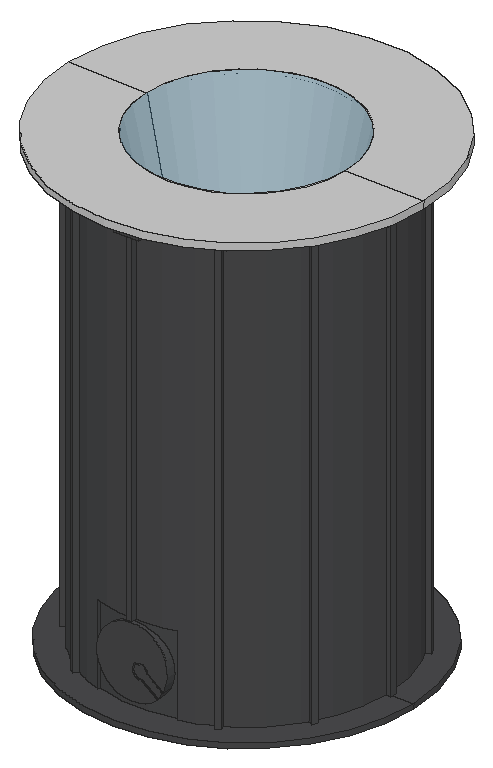
Revit family "LED COB INGROUND 12W_LKP0128WW.55", category Luminarias, Revit 2019
Family settings
  Cota de conector redondo = Diámetro de uso
  Tipo de pieza = Normal
  Se basa en plano de trabajo = Sí
  Siempre vertical = No
  Corte con vacíos al cargar = No
  Origen de luz = Sí
  Compartido = No
  Punto de cálculo de habitación = No
Parameters (values of type "EMP_LKP0128WW.55")
  Ángulo de inclinación = 105.00°
  Ángulo de enfoque = 55.00°
  Ángulo de campo de foco = 55.00°
  Zone [instance] = ""
  Watt per fixture = 14
  Wattage = 14 W
  built-in parameter 1150107 = 3000 (stored number, unit not read)
  built-in parameter 1150110 = 1 (stored number, unit not read)
  built-in parameter 1150109 = 1 (stored number, unit not read)
  built-in parameter 1150112 = 1 (stored number, unit not read)
  built-in parameter 1150113 = 1 (stored number, unit not read)
  built-in parameter 1114218 = 1 (stored number, unit not read)
  Keynote = ""
  built-in parameter 1150137 = (empty or 0)
  built-in parameter 1150132 = (empty or 0)
  Modelo = "LKP0128WW.55"
  Lámpara = "NICHIA"
  Longitud de símbolo de origen de luz = 500 mm
  built-in parameter 1150105 = 2385.2 (stored number, unit not read)
  built-in parameter 1150102 = (empty or 0)
  built-in parameter 1150106 = 23.852 (stored number, unit not read)
  Lumens = 1229.9 lm
  Color Filter = 16777215
  built-in parameter 1114217 = 1 (stored number, unit not read)
  built-in parameter 1150139 = (empty or 0)
  Fabricante = "BRILLANT"
  Default Elevation = 0 mm
  built-in parameter 1150104 = 8.1615 (stored number, unit not read)
  Descripción = "LUMINARIA TIPO CIRCULAR PARA EMPOTRAR EN PISO CON CUERPO DE ALUMINIO FUNDIDO A PRESION CUBIERTO CON POLVO GRIS OSCURO, CON CUBIERTA DE ACERO INOXIDABLE Y VIDRIO TEMPLADO DE 8MM, HOUSING TIPO ABS DE 155MM DE DIAMETRO Y 220MM DE PROFUNDO. CUENTA CON 12 LED COB TIPO NICHIA CON UNA POTENCIA TOTAL DE 14W, A UNA TEMPERATURA EN BLANCO CALIDO 3000K CON 1230 LUMENES, 102mA EN CORRIENTE DE OPERACIÓN, IP67, IK10, IRC 80, APERTURA EN 55 GRADOS POR PROYECTO, ALIMENTADA A 100-277V"
  built-in parameter 1150115 = 1 (stored number, unit not read)
  built-in parameter 1150114 = 1 (stored number, unit not read)
  Comentarios de vataje = "100-277V"
  built-in parameter 1150138 = (empty or 0)
  built-in parameter 1150134 = (empty or 0)
  Circuit [instance] = ""
  Dimming Lamp Color Temperature Shift = (empty or 0)
  built-in parameter 1150133 = 10 (stored number, unit not read)
Reference planes
  plane 1 "Centro (Frontal/Posterior)": y = 0
  plane 2: z = 0
  plane 3 "Centro (Izquierda/Derecha)": x = 0
  plane 4: z = -220
  plane 5: z = -128
  plane 6 "PEND": y = 20
  plane 7 "Centro I/E": y = -15
  plane 8: x = -77.5
  plane 9: x = 77.5
Forms (mm)
  Revolve 1, solid, material "Acero Inoxidable"
    sketch origin (0, 0, 0) x (1, 0, 0) y (0, 0, 1)
      loop
        line (-38.059, -45.88) -> (-48.546, 3.457) -> (-86.5, 3.457) -> (-86.5, 0) -> (-59, 0) -> (-59, -117.969) -> (0, -117.969) -> (0, -45.88) -> (-38.059, -45.88)
      axis (0, 3.457) -> (0, -117.969)
    angle from 0 to 360
  Extrusion 2, solid, material "Cristal"
    sketch origin (0, 0, 0) x (1, 0, 0) y (0, 1, 0)
      loop
        circle (0, 0) r 48.546
    from 1.93 to 3.457
  Extrusion 3, solid, material "Plastico"
    sketch origin (0, 0, 0) x (1, 0, 0) y (0, 1, 0)
      loop
        circle (0, 0) r 10
    from -128 to -123.044
  Extrusion 4, solid, material "Cobre"
    sketch origin (0, 0, 0) x (1, 0, 0) y (0, 1, 0)
      loop
        line (12.101, 0) -> (6.051, 10.48) -> (-6.051, 10.48) -> (-12.101, 0) -> (-6.051, -10.48) -> (6.051, -10.48) -> (12.101, 0)
    from -123.044 to -117.969
  Revolve 5, solid, material "Plastico"
    sketch origin (0, 0, 0) x (1, 0, 0) y (0, 0, 1)
      loop
        line (-77.5, -0.88) -> (-77.5, -4.48) -> (-69.055, -4.48) -> (-69.055, -217.5) -> (-81.5, -217.5) -> (-81.5, -220) -> (-30.747, -220) -> (0, -220) -> (0, -217.5) -> (-59.119, -217.5) -> (-59.119, -0.88) -> (-77.5, -0.88)
      axis (0, -0.88) -> (0, -220)
    angle from 0 to 360
  Extrusion 6, solid, material "Plastico"
    sketch origin (0, 0, 0) x (1, 0, 0) y (0, 1, 0)
      loop
        line (-69.04, 1.342) -> (-71.413, 1.342) -> (-71.413, -1.342) -> (-69.04, -1.342)
        arc (-69.04, -1.342) -> (-69.055, 0) -> (-69.04, 1.342) r 59.642
      loop
        line (-59.119, 35.682) -> (-61.196, 36.882) -> (-62.539, 34.557) -> (-60.461, 33.357)
        arc (-60.461, 33.357) -> (-59.803, 34.527) -> (-59.119, 35.682) r 59.642
      loop
        line (-33.357, 60.461) -> (-34.529, 62.491) -> (-36.854, 61.149) -> (-35.682, 59.119)
        arc (-35.682, 59.119) -> (-34.527, 59.803) -> (-33.357, 60.461) r 59.642
      loop
        line (1.342, 69.04) -> (1.342, 71.384) -> (-1.342, 71.384) -> (-1.342, 69.04)
        arc (-1.342, 69.04) -> (0, 69.055) -> (1.342, 69.04) r 59.642
      loop
        arc (69.04, 1.342) -> (69.055, 0) -> (69.04, -1.342) r 59.642
        line (69.04, -1.342) -> (71.413, -1.342) -> (71.413, 1.342) -> (69.04, 1.342)
      loop
        arc (59.119, 35.682) -> (59.803, 34.527) -> (60.461, 33.357) r 59.642
        line (60.461, 33.357) -> (62.539, 34.557) -> (61.196, 36.882) -> (59.119, 35.682)
      loop
        arc (33.357, 60.461) -> (34.527, 59.803) -> (35.682, 59.119) r 59.642
        line (35.682, 59.119) -> (36.854, 61.149) -> (34.529, 62.491) -> (33.357, 60.461)
      loop
        arc (-59.119, -35.682) -> (-59.803, -34.527) -> (-60.461, -33.357) r 59.642
        line (-60.461, -33.357) -> (-62.539, -34.557) -> (-61.196, -36.882) -> (-59.119, -35.682)
      loop
        arc (-33.357, -60.461) -> (-34.527, -59.803) -> (-35.682, -59.119) r 59.642
        line (-35.682, -59.119) -> (-36.854, -61.149) -> (-34.529, -62.491) -> (-33.357, -60.461)
      loop
        arc (1.342, -69.04) -> (0, -69.055) -> (-1.342, -69.04) r 59.642
        line (-1.342, -69.04) -> (-1.342, -71.384) -> (1.342, -71.384) -> (1.342, -69.04)
      loop
        line (59.119, -35.682) -> (61.196, -36.882) -> (62.539, -34.557) -> (60.461, -33.357)
        arc (60.461, -33.357) -> (59.803, -34.527) -> (59.119, -35.682) r 59.642
      loop
        line (33.357, -60.461) -> (34.529, -62.491) -> (36.854, -61.149) -> (35.682, -59.119)
        arc (35.682, -59.119) -> (34.527, -59.803) -> (33.357, -60.461) r 59.642
    from -217.5 to -4.48
  Extrusion 7, void
    sketch origin (3.125, 0, 0) x (1, 0, 0) y (0, 1, 0)
      loop
        circle (-3.125, -65.006) r 1.981
      loop
        circle (61.851, -0.03) r 1.981
      loop
        circle (-68.101, -0.03) r 1.981
      loop
        circle (-3.095, 64.976) r 1.981
    from -220 to -216.767
  Extrusion 8, void
    sketch origin (0, -11.405, 0) x (1, 0, 0) y (0, 1, 0)
      loop
        line (-1.342, -57.635) -> (-1.342, -59.979) -> (1.342, -59.979) -> (1.342, -57.635) -> (-1.342, -57.635)
    from -217.5 to -178.507
  Extrusion 9, void
    sketch origin (0, 0, 0) x (1, 0, 0) y (0, 1, 0)
      loop
        line (19.48, -67.947) -> (19.48, -64.931)
        arc (19.48, -64.931) -> (-0.004, -67.85) -> (-19.48, -64.872) r 65.829
        line (-19.48, -64.872) -> (-19.48, -67.609)
        arc (-19.48, -67.609) -> (-0.022, -70.266) -> (19.48, -67.947) r 77.5
    from -217.5 to -178.507
  Extrusion 10, solid, material "Plastico"
    sketch origin (0, 0, 0) x (1, 0, 0) y (0, 0, 1)
      loop
        arc (15.228, -205.467) -> (-13.875, -187.312) -> (12.384, -209.381) r 17.194
        line (12.384, -209.381) -> (4.761, -203.843)
        arc (4.761, -203.843) -> (0.929, -198.068) -> (7.605, -199.928) r 3.698
        line (7.605, -199.928) -> (15.228, -205.467)
      loop
        line (4.897, -203.076) -> (12.864, -208.865) -> (14.886, -206.083) -> (6.918, -200.294)
        arc (6.918, -200.294) -> (1.496, -198.48) -> (4.897, -203.076) r 2.998
    from 64.93 to 69.585
  Extrusion 11, solid, material "Plastico"
    sketch origin (0, 0, 0) x (1, 0, 0) y (0, 1, 0)
      loop
        line (-5.899, 73.187) -> (-5.899, 68.802)
        arc (-5.899, 68.802) -> (0, 69.055) -> (5.899, 68.802) r 69.055
        line (5.899, 68.802) -> (5.899, 73.187)
        arc (5.899, 73.187) -> (0, 73.439) -> (-5.899, 73.187) r 69.055
      loop
        arc (-5.899, -73.187) -> (0, -73.439) -> (5.899, -73.187) r 69.055
        line (5.899, -73.187) -> (5.899, -68.802)
        arc (5.899, -68.802) -> (0, -69.055) -> (-5.899, -68.802) r 69.055
        line (-5.899, -68.802) -> (-5.899, -73.187)
      loop
        arc (73.187, -5.899) -> (73.439, 0) -> (73.187, 5.899) r 69.055
        line (73.187, 5.899) -> (68.802, 5.899)
        arc (68.802, 5.899) -> (69.055, 0) -> (68.802, -5.899) r 69.055
        line (68.802, -5.899) -> (73.187, -5.899)
      loop
        line (-73.187, -5.899) -> (-68.802, -5.899)
        arc (-68.802, -5.899) -> (-69.055, 0) -> (-68.802, 5.899) r 69.055
        line (-68.802, 5.899) -> (-73.187, 5.899)
        arc (-73.187, 5.899) -> (-73.439, 0) -> (-73.187, -5.899) r 69.055
    from -10.055 to -4.48
Cuts and joins
  Extrusion 7, Extrusion 9 cuts Revolve 5
  Extrusion 7, Extrusion 8, Extrusion 9 cuts Revolve 1
  Extrusion 8 cuts Extrusion 6
Dimensions and locks
  plane 2 to plane 4 = 220 mm
  level to plane 4 = 220 mm
  level to Extrusion 3 = 128 mm
  plane 3 "Centro (Izquierda/Derecha)" to Revolve 5 sketch curve = 81.5 mm
  Revolve 1 sketch curve to Revolve 1 sketch curve = 86.5 mm
  Revolve 5 sketch curve to Revolve 5 sketch curve = 77.5 mm
  aligned and locked: level to plane 2
Connectors
  electrical at (0, 0, -220)
    settings: on cut or joined group of Revolve 5, Extrusion 7, Extrusion 9, index 1, voltage 277 V, apparent load 0 VA, apparent load phase1 0 VA, apparent load phase2 0 VA, apparent load phase3 0 VA, power factor 1, load classification "Otro", number of poles 1, system type 31, power factor state 1, is connector primary yes, connector utility no, sub classification motor no, connector description ""
